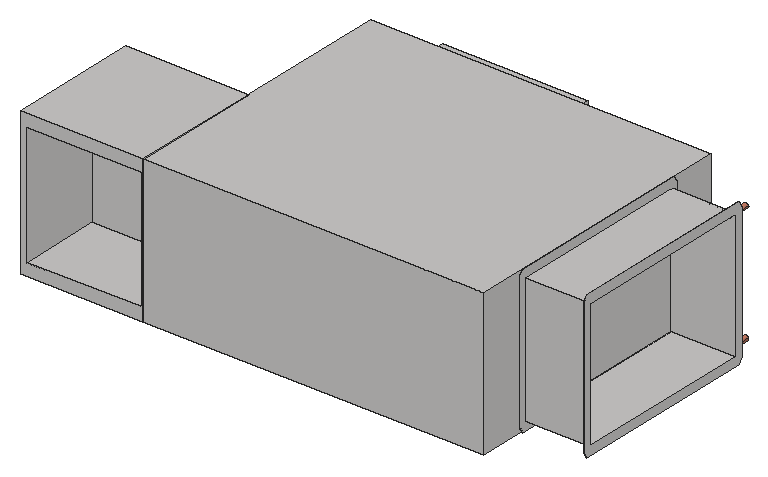
Revit family
Parameters
  Width = 3' - 3"
  Voltage = 208 V
  Unit Weight = if(Number of Rows = 1, "272.0 lbs", if(Number of Rows = 2, "277.0 lbs", "0"))  # "272.0 lbs"
  UltraLoc Liner = Choose Liner Option = 3  # no
  URL = "http://www.titus-hvac.com/"
  UL = "181"
  Supply Air Flow [instance] = 0 CFM
  SteriLoc Liner = Choose Liner Option = 2  # no
  Secondary Material = Copper Connectors
  Primary Air Pressure Drop [instance] = 0.00 in-wg
  Primary Air Flow [instance] = 0 CFM
  Pressure [instance] = 0.00 psi
  Plenum Air Pressure Drop [instance] = 0.00 in-wg
  Plenum Air Flow [instance] = 0 CFM
  Outlet Width = 2' - 1"
  Outlet Height = 1' - 5 1/2"
  Number of Rows = 1
  Number of Poles = 2
  Nominal Width = Width + 0' 6 1/4"  # 3' - 9 1/4"
  Nominal Length = Length + 1' 4 7/8" + 0' 9"  # 6' - 0 5/8"
  Nominal Inlet Size = 1' - 0"
  Nominal Height = 1' - 8"
  NFPA = "90A"
  Motor Full Load Amps [instance] = 3.6 A
  Model = "DTFS-F"
  Min. Air Flow = 0 CFM
  Max. Air Flow = 2000 CFM
  Material = Galvanized Steel
  Manufacturer = "Titus"
  Length = 3' - 10 3/4"
  Juction Box Offset = 0' - 4 7/8"
  Inlet Diameter = Nominal Inlet Size - 0' 0 1/8"  # 0' - 11 7/8"
  Induced Air Inlet Width = 1' - 4 7/8"
  Induced Air Inlet Offset = (Nominal Height - Induced Air Inlet Connection Height) / 2  # 0' - 1 11/16"
  Induced Air Inlet Height = 1' - 6 1/8"
  Induced Air Inlet Connection Width = 1' - 3 3/4"
  Induced Air Inlet Connection Height = 1' - 4 5/8"
  Induced Air Filter = no
  Heating Total Capacity [instance] = 0 Btu/h
  Heating Entering Water Temp = 0 °F
  Half Outlet Width = 1' - 0 1/2"
  Half Outlet Connection Width = Outlet Width / 2  # 1' - 0 1/2"
  Half Outlet Connection Height = Outlet Height / 2  # 0' - 8 3/4"
  Half Height Start = -(Nominal Height / 2)  # -0' - 10"
  Half Height End = Nominal Height / 2  # 0' - 10"
  HWC Option = HWC Section : D-E - 1 Row
  HWC Connector Radius = 5/16"
  HWC Connector Length = 0' - 3"
  HP-Motor = "1/3"
  Gallons Per Minute [instance] = 0 GPM
  Frequency = 60 Hz
  Flange Offset = 0' - 1 1/4"
  Filter Size = "18\"x17\""
  Fiber Free Liner = Choose Liner Option = 1  # no
  Fan Disconnect Switch = no
  Duct Radius = Nominal Inlet Size / 2  # 0' - 6"
  Description = "Ultra Quiet Series Fan Powered Terminal Unit, Direct Digital Control, Pressure Independent"
  Connector Vertical Offset = if(Number of Rows = 1, 1' 4 1/4", if(Number of Rows = 2, 1' 4 3/4", 0' 0"))  # 1' - 4 1/4"
  Connector Horizontal Offset = if(Number of Rows = 1, 0' 0", if(Number of Rows = 2, 0' 1", 0' 0"))  # 0' - 0"
  Connection Void Radius = Connection Radius - 0' 0 1/4"  # 0' - 5 11/16"
  Connection Radius = Inlet Diameter / 2  # 0' - 5 15/16"
  Choose Liner Option = 0
  CADworks URL = "www.CADworks.net"
  Assembly Code = "D3040100"
  Apparent Power [instance] = Voltage * Motor Full Load Amps  # 748.8 VA
  Air Inlet Offset = 0' - 8"
  1/2" Fiberglass Liner = Choose Liner Option = 0  # yes
  1" Fiberglass Liner = Choose Liner Option = 4  # no
Reference planes (in)
  plane 1 "Center (Front/Back)": y = 0
  plane 2: z = 0
  plane 3 "Center (Left/Right)": x = 3
  plane 4: x = -20.375
  plane 5: x = 26.375
  plane 6: x = -15.5
  plane 7: x = -23.75
  plane 8 "Center (Elevation)": z = 0
  plane 9: y = -19.5
  plane 10: y = 19.5
  plane 11: y = 11.5
  plane 12: y = -8.25
  plane 13: z = 0.6875
  plane 14: z = -6.875
  plane 15: x = 35.375
  plane 16: x = 34.375
  plane 17: x = 34.375
  plane 18: y = 15.5
  plane 19: z = -8.125
  plane 20: z = 8.125
  plane 21: y = -12.5
  plane 22: y = 12.5
  plane 23: z = 10
  plane 24: z = -10
  plane 25: y = 25.75
  plane 26: x = -37.25
Forms (in)
  Extrusion 1, solid, material "Galvanized Steel" <- "Material"
    sketch origin (0, 0, 0) x (1, 0, 0) y (0, 1, 0)
      loop
        line (-20.375, 19.5) -> (-20.375, -19.5) -> (26.375, -19.5) -> (26.375, 19.5) -> (-20.375, 19.5)
    from -10 <- "Half Height Start" to 10 <- "Half Height End"
  Extrusion 2, solid, material "Galvanized Steel" <- "Material"
    sketch origin (0, 0, 0) x (1, 0, 0) y (0, 1, 0)
      loop
        line (-37.25, -1.375) -> (-37.25, -19.5) -> (-20.375, -19.5) -> (-20.375, -1.375) -> (-37.25, -1.375)
    from -10 <- "Half Height Start" to 10 <- "Half Height End"
  Extrusion 3, void, detail levels fine
    sketch origin (0, -19.5, 0) x (1, 0, 0) y (0, 0, -1)
      loop
        line (-20.625, 8.3125) -> (-36.375, 8.3125) -> (-36.375, -8.3125) -> (-20.625, -8.3125) -> (-20.625, 8.3125)
    from 0 to 11.25
  Extrusion 4, solid, material "Galvanized Steel" <- "Material"
    sketch origin (3.125, 0, 0) x (1, 0, 0) y (0, 1, 0)
      loop
        line (-18.625, 19.5) -> (1.375, 19.5) -> (1.375, 25.75) -> (-18.625, 25.75) -> (-18.625, 19.5)
    from -6 to 6
  Extrusion 5, solid, material "Galvanized Steel" <- "Material"
    sketch origin (-24.875, -3, 0) x (0, 0, -1) y (0, 1, 0)
      loop
        circle (0, 14.5) r 5.9375
    from 1.125 to 4.5
  Extrusion 6, void, detail levels fine
    sketch origin (-24.875, 0, 0) x (0, 1, 0) y (0, 0, 1)
      loop
        circle (11.5, 0) r 5.6875
    from 1.125 to 9.375
  Extrusion 7, void, detail levels fine
    sketch origin (35.375, -12.5, 8.75) x (0, 0, 1) y (0, -1, 0)
      loop
        line (-17.5, 0) -> (-17.5, -25) -> (0, -25) -> (0, 0) -> (-17.5, 0)
    from -0.0625 to 0
  Extrusion 8, solid, material "Copper Connectors" <- "Secondary Material", detail levels fine
    sketch origin (0, 0, 0) x (1, 0, 0) y (0, 0, 1)
      loop
        circle (34.375, 8.125) r 0.3125
    from -15.5 to -12.5625
  Extrusion 9, solid, material "Copper Connectors" <- "Secondary Material", detail levels fine
    sketch origin (0, 0, 0) x (1, 0, 0) y (0, 0, 1)
      loop
        circle (34.375, -8.125) r 0.3125
    from -15.5 to -12.5625
Cuts and joins
  Extrusion 3 cuts Extrusion 2
  Extrusion 6 cuts Extrusion 1
  Extrusion 6 cuts Extrusion 5
Dimensions and locks (in)
  "Length": plane 5 to plane 4
  equal spacing: plane 5, plane 3 "Center (Left/Right)", plane 4
  locked: Extrusion 4 to Extrusion 4 at 20
  "Juction Box Offset": plane 6 to plane 4
  locked: plane 4 to plane 7 at 3.375
  "Width": plane 9 to plane 10
  equal spacing: plane 9, plane 1 "Center (Front/Back)", plane 10
  locked: Extrusion 5 sketch curve to level at 0
  locked: Extrusion 5 sketch curve to plane 11 at 0
  locked: Extrusion 6 sketch curve to level at 0
  locked: Extrusion 6 sketch curve to plane 11 at 0
  locked: Extrusion 4 to Extrusion 4 at 6.25
  locked: Extrusion 4 to Extrusion 4 at 12
  equal spacing: Extrusion 4, plane 8 "Center (Elevation)", Extrusion 4
  locked: plane 12 to plane 9 at 11.25
  "Air Inlet Offset": plane 10 to plane 11
  "Induced Air Inlet Height": cut or joined group of Extrusion 2, Extrusion 3 to cut or joined group of Extrusion 2, Extrusion 3
  locked: cut or joined group of Extrusion 5, Extrusion 6 to cut or joined group of Extrusion 5, Extrusion 6 at 3.375
  locked: plane 12 to plane 12 at 0
  "Induced Air Inlet Connection Height": Extrusion 3 sketch curve to Extrusion 3 sketch curve
  "Induced Air Inlet Offset": Extrusion 3 sketch curve to cut or joined group of Extrusion 2, Extrusion 3
  "Induced Air Inlet Connection Width": Extrusion 3 sketch curve to Extrusion 3 sketch curve
  locked: Extrusion 3 sketch curve to cut or joined group of Extrusion 1, Extrusion 6 at 0.25
  "Connector Vertical Offset": plane 20 to plane 19
  equal spacing: plane 20, plane 8 "Center (Elevation)", plane 19
  locked: plane 15 to plane 5 at 9
  locked: plane 15 to plane 16 at 1
  "Connector Horizontal Offset": plane 16 to plane 17
  locked: Extrusion 8 sketch curve to plane 17 at 0
  locked: Extrusion 8 sketch curve to plane 20 at 0
  locked: Extrusion 9 sketch curve to plane 16 at 0
  locked: Extrusion 9 sketch curve to plane 19 at 0
  "HWC Connector Length": plane 18 to plane 22
  locked: cut or joined group of Extrusion 1, Extrusion 6 to Extrusion 7 at 9
  locked: cut or joined group of Extrusion 2, Extrusion 3 to cut or joined group of Extrusion 2, Extrusion 3 at 16.875
  locked: cut or joined group of Extrusion 2, Extrusion 3 to cut or joined group of Extrusion 2, Extrusion 3 at 20
  equal spacing: cut or joined group of Extrusion 2, Extrusion 3, plane 8 "Center (Elevation)", cut or joined group of Extrusion 2, Extrusion 3
  locked: cut or joined group of Extrusion 1, Extrusion 6 to cut or joined group of Extrusion 1, Extrusion 6 at 20
  equal spacing: cut or joined group of Extrusion 1, Extrusion 6, plane 8 "Center (Elevation)", cut or joined group of Extrusion 1, Extrusion 6
  locked: nested 1 to cut or joined group of Extrusion 1, Extrusion 6 at 1.1875
  locked: cut or joined group of Extrusion 1, Extrusion 6 to nested 1 at 1.1875
  "Connection Radius": radius of Extrusion 5 sketch curve
  "Connection Void Radius": radius of Extrusion 6 sketch curve
  "HWC Connector Radius": radius of Extrusion 8 sketch curve
  "HWC Connector Radius": radius of Extrusion 9 sketch curve
  aligned and locked: plane 10 to Extrusion 4
  aligned and locked: plane 6 to Extrusion 4
  aligned and locked: plane 7 to cut or joined group of Extrusion 5, Extrusion 6
  aligned and locked: plane 18 to Extrusion 8
  aligned and locked: plane 18 to Extrusion 9
  aligned and locked: plane 9 to cut or joined group of Extrusion 2, Extrusion 3  (x3)
  aligned and locked: plane 5 to nested 1
  aligned and locked: plane 15 to nested 1
  aligned and locked: plane 18 to nested 1  (x2)
  aligned and locked: plane 21 to nested 1
  aligned and locked: plane 22 to nested 1
  aligned and locked: plane 5 to cut or joined group of Extrusion 1, Extrusion 6
  aligned and locked: cut or joined group of Extrusion 1, Extrusion 6 to nested 1
  aligned and locked: cut or joined group of Extrusion 1, Extrusion 6 to plane 10
  aligned and locked: Extrusion 4 to cut or joined group of Extrusion 1, Extrusion 6  (x2)
  aligned and locked: cut or joined group of Extrusion 1, Extrusion 6 to plane 4
  aligned and locked: plane 9 to cut or joined group of Extrusion 1, Extrusion 6
  aligned and locked: cut or joined group of Extrusion 5, Extrusion 6 to cut or joined group of Extrusion 1, Extrusion 6
  aligned and locked: nested 1 to cut or joined group of Extrusion 1, Extrusion 6
  aligned and locked: plane 6 to Extrusion 6
  aligned and locked: Extrusion 6 to plane 7
  aligned and locked: Extrusion 3 to plane 12
  aligned and locked: plane 25 to Extrusion 4
  aligned and locked: plane 26 to cut or joined group of Extrusion 2, Extrusion 3
  aligned and locked: plane 23 to cut or joined group of Extrusion 2, Extrusion 3
  aligned and locked: plane 24 to cut or joined group of Extrusion 2, Extrusion 3
  aligned and locked: plane 24 to cut or joined group of Extrusion 1, Extrusion 6
  aligned and locked: plane 23 to cut or joined group of Extrusion 1, Extrusion 6
Automatic sketch dimensions
  Extrusion 1 sketch curve to plane 4 = 0' - 0"
  Extrusion 1 sketch curve to plane 5 = 0' - 0"
  Extrusion 1 sketch curve to plane 9 = 0' - 0"
  Extrusion 1 sketch curve to plane 10 = 0' - 0"
  Extrusion 2 sketch curve to plane 4 = 0' - 0"
  Extrusion 2 sketch curve to plane 9 = 0' - 0"
  plane 1 "Center (Front/Back)" to Extrusion 2 sketch curve = 0' - 1 3/8"
  Extrusion 4 sketch curve to plane 6 = 0' - 0"
  Extrusion 4 sketch curve to plane 10 = 0' - 0"
  plane 3 "Center (Left/Right)" to Extrusion 4 sketch curve = 0' - 1 1/2"
  Extrusion 4 sketch curve to plane 10 = 0' - 6 1/4"
  Extrusion 2 sketch curve to plane 7 = 1' - 1 1/2"
  Extrusion 7 sketch curve to nested 1 = 0' - 0"  (x4)
Nested families (in)
  nested 1: "HWC Section" at (30.875, 0, 0) x (0, 1, 0) z (0, 0, 1), type <- "HWC Option", type "D-E - 1 Row"
Connectors (in)
  electrical at (-5.5, 25.75, 0), driven by "Apparent Power", driven by "Voltage", driven by "Number of Poles"
    settings: on Extrusion 4, index 8
  hvac at (-23.75, 11.5, 0), driven by "Duct Radius", driven by "Primary Air Pressure Drop", driven by "Primary Air Flow"
    settings: on cut or joined group of Extrusion 5, Extrusion 6, index 9
  hvac at (-28.5, -19.5, 0), driven by "Induced Air Inlet Connection Height", driven by "Induced Air Inlet Connection Width", driven by "Plenum Air Pressure Drop", driven by "Plenum Air Flow"
    settings: on cut or joined group of Extrusion 2, Extrusion 3, index 11
  hvac at (35.375, 0, 0), driven by "Outlet Height", driven by "Outlet Width", driven by "Supply Air Flow"
    settings: on Extrusion 7, index 12
  piping at (34.375, 15.5, 8.125), driven by "Gallons Per Minute", driven by "Pressure", driven by "HWC Connector Radius"
    settings: on Extrusion 8, index 13
  piping at (34.375, 15.5, -8.125), driven by "Gallons Per Minute", driven by "HWC Connector Radius", driven by "Pressure"
    settings: on Extrusion 9, index 14
Definition of nested family "HWC Section"
  Parameters (values of type "B-C - 1 Row")
    Visibility = yes
    Secondary Material = Copper Connectors
    Number of Rows = 1
    Material = Galvanized Steel
    Half Width = HWC Width / 2  # 0' - 10 1/4"
    Half Length-Start = -(HWC Length / 2)  # -0' - 4 1/2"
    Half Length-End = HWC Length / 2  # 0' - 4 1/2"
    HWC Connection Radius = 5/16"
    Flange Offset = 0' - 1"
    Duct Vertical Offset = HWC Height - 0' 0 1/2"  # 1' - 0"
    Duct Horizontal Offset = HWC Width - 0' 0 1/2"  # 1' - 8"
    Connector Vertical Offset = 0' - 11 3/4"
    HWC Width = 1' - 8 1/2"
    HWC Height = 1' - 0 1/2"
    HWC Length = 0' - 9"  # constant formula
    Gallons Per Minute = 0 GPM
    Connector Length = 0' - 3"
    Connector Horizontal Offset = 0' - 0"
  Types (5): name | Number of Rows | Half Width | Flange Offset | Duct Vertical Offset | Duct Horizontal Offset | Connector Vertical Offset | HWC Width | HWC Height | Connector Horizontal Offset
    (no name) | 1 | 0' - 10 1/4" | 0' - 1" | 1' - 0" | 1' - 8" | 0' - 11 3/4" | 1' - 8 1/2" | 1' - 0 1/2" | 0' - 0"
    B-C - 1 Row | 1 | 0' - 10 1/4" | 0' - 1" | 1' - 0" | 1' - 8" | 0' - 11 3/4" | 1' - 8 1/2" | 1' - 0 1/2" | 0' - 0"
    B-C - 2 Row | 2 | 0' - 10 1/4" | 0' - 1" | 1' - 0" | 1' - 8" | 0' - 11 3/4" | 1' - 8 1/2" | 1' - 0 1/2" | 0' - 1"
    D-E - 1 Row | 1 | 1' - 0 1/2" | 0' - 1 1/4" | 1' - 5" | 2' - 0 1/2" | 1' - 4 1/4" | 2' - 1" | 1' - 5 1/2" | 0' - 0"
    D-E - 2 Row | 2 | 1' - 0 1/2" | 0' - 1 1/4" | 1' - 5" | 2' - 0 1/2" | 1' - 4 3/4" | 2' - 1" | 1' - 5 1/2" | 0' - 1"
  Reference planes (in)
    plane 1 "Center (Front/Back)": y = 0
    plane 2: z = 0
    plane 3 "Center (Left/Right)": x = 0
    plane 4: x = -10.25
    plane 5: x = 10.25
    plane 6: y = 4.5
    plane 7: y = -4.5
    plane 8: z = 6.25
    plane 9: z = -6.25
    plane 10: z = 5.875
    plane 11: z = -5.875
    plane 12: y = 3.5
    plane 13: y = 3.5
    plane 14: x = 13.25
  Forms (in)
    Extrusion 1, solid, material "Galvanized Steel" <- "Material", visible <- "Visibility"
      sketch origin (0, 0, 0) x (1, 0, 0) y (0, 0, 1)
        loop
          line (-10.3125, 6.3125) -> (-10.3125, -6.3125) -> (10.3125, -6.3125) -> (10.3125, 6.3125) -> (-10.3125, 6.3125)
      from -4.375 <- "Half Length-Start" to 4.5 <- "Half Length-End"
    Extrusion 2, void, detail levels fine
      sketch origin (0, 0, 0) x (1, 0, 0) y (0, 0, 1)
        loop
          line (-10.25, -6.25) -> (10.25, -6.25) -> (10.25, 6.25) -> (-10.25, 6.25) -> (-10.25, -6.25)
      from -4.5 <- "Half Length-Start" to 4.5 <- "Half Length-End"
    Extrusion 3, solid, material "Copper Connectors" <- "Secondary Material", visible <- "Visibility"
      sketch origin (6, 2.625, 0) x (0, 1, 0) y (0, 0, 1)
        loop
          circle (0.875, -5.875) r 0.3125
      from 4.3125 to 7.25
    Extrusion 4, solid, material "Galvanized Steel" <- "Material", visible <- "Visibility"
      sketch origin (0, -4.375, 0) x (1, 0, 0) y (0, 0, 1)
        loop
          line (-10.25, 6.25) -> (-10.25, -6.25) -> (10.25, -6.25) -> (10.25, 6.25) -> (-10.25, 6.25)
        loop
          line (-11.25, 6.75) -> (-11.25, -6.75) -> (-10.75, -7.25) -> (10.75, -7.25) -> (11.25, -6.75) -> (11.25, 6.75) -> (10.75, 7.25) -> (-10.75, 7.25) -> (-11.25, 6.75)
      from 0 to 0.125
    Extrusion 5, solid, material "Copper Connectors" <- "Secondary Material", visible <- "Visibility"
      sketch origin (6, -0.5, 0) x (0, 1, 0) y (0, 0, 1)
        loop
          circle (4, 5.875) r 0.3125
      from 4.3125 to 7.25
    Extrusion 6, solid, material "Galvanized Steel" <- "Material", visible <- "Visibility"
      sketch origin (0, 4.375, 0) x (1, 0, 0) y (0, 0, -1)
        loop
          line (-10.25, -6.25) -> (10.25, -6.25) -> (10.25, 6.25) -> (-10.25, 6.25) -> (-10.25, -6.25)
        loop
          line (-11.25, -6.75) -> (-10.75, -7.25) -> (10.75, -7.25) -> (11.25, -6.75) -> (11.25, 6.75) -> (10.75, 7.25) -> (-10.75, 7.25) -> (-11.25, 6.75) -> (-11.25, -6.75)
      from 0 to 0.125
  Cuts and joins
    Extrusion 2 cuts Extrusion 1
    joined: Extrusion 1, Extrusion 4, Extrusion 6
  Dimensions and locks (in)
    "HWC Width": plane 4 to plane 5
    equal spacing: plane 4, plane 3 "Center (Left/Right)", plane 5
    "HWC Height": plane 8 to plane 9
    equal spacing: plane 8, plane 2, plane 9
    equal spacing: plane 10, plane 2, plane 11
    locked: plane 12 to plane 6 at 1
    "Connector Horizontal Offset": plane 13 to plane 12
    locked: plane 7 to Extrusion 4 at 0.125
    locked: Extrusion 6 to plane 6 at 0.125
    locked: plane 4 to Extrusion 1 sketch curve at 0.0625
    locked: Extrusion 4 to Extrusion 1 sketch curve at 0.0625
    locked: Extrusion 1 sketch curve to plane 8 at 0.0625
    locked: plane 9 to Extrusion 1 sketch curve at 0.0625
    "Connector Length": plane 5 to plane 14
    "HWC Length": plane 6 to plane 7
    equal spacing: plane 6, plane 1 "Center (Front/Back)", plane 7
    "Connector Vertical Offset": plane 10 to plane 11
    equal spacing: plane 10, level, plane 11
    "HWC Width": Extrusion 4 sketch curve to Extrusion 4 sketch curve
    equal spacing: Extrusion 4 sketch curve, plane 3 "Center (Left/Right)", Extrusion 4 sketch curve
    "HWC Height": Extrusion 4 sketch curve to Extrusion 4 sketch curve
    equal spacing: Extrusion 4 sketch curve, plane 2, Extrusion 4 sketch curve
    locked: cut or joined group of Extrusion 1, Extrusion 2, Extrusion 4, Extrusion 6 to plane 4 at 1  (x2)
    locked: cut or joined group of Extrusion 1, Extrusion 2, Extrusion 4, Extrusion 6 to plane 5 at 1  (x2)
    "HWC Width": Extrusion 6 sketch curve to Extrusion 6 sketch curve
    "HWC Height": Extrusion 6 sketch curve to Extrusion 6 sketch curve
    equal spacing: Extrusion 6 sketch curve, plane 3 "Center (Left/Right)", Extrusion 6 sketch curve
    equal spacing: Extrusion 6 sketch curve, plane 2, Extrusion 6 sketch curve
    "HWC Height": Extrusion 2 sketch curve to Extrusion 2 sketch curve
    "HWC Width": Extrusion 2 sketch curve to Extrusion 2 sketch curve
    equal spacing: Extrusion 2 sketch curve, plane 3 "Center (Left/Right)", Extrusion 2 sketch curve
    equal spacing: Extrusion 2 sketch curve, plane 2, Extrusion 2 sketch curve
    locked: plane 5 to Extrusion 3 at 0.0625
    locked: plane 5 to Extrusion 5 at 0.0625
    "Flange Offset": cut or joined group of Extrusion 1, Extrusion 2, Extrusion 4, Extrusion 6 to plane 8
    "Flange Offset": plane 9 to cut or joined group of Extrusion 1, Extrusion 2, Extrusion 4, Extrusion 6
    "Flange Offset": plane 8 to cut or joined group of Extrusion 1, Extrusion 2, Extrusion 4, Extrusion 6
    "Flange Offset": cut or joined group of Extrusion 1, Extrusion 2, Extrusion 4, Extrusion 6 to plane 9
    "HWC Connection Radius": radius of Extrusion 3 sketch curve
    "HWC Connection Radius": radius of Extrusion 5 sketch curve
    aligned and locked: plane 7 to Extrusion 4
    aligned and locked: plane 6 to Extrusion 6
    aligned and locked: plane 14 to Extrusion 5
    aligned and locked: plane 14 to Extrusion 3
    aligned and locked: Extrusion 6 to cut or joined group of Extrusion 1, Extrusion 2, Extrusion 4, Extrusion 6
    aligned and locked: Extrusion 4 to Extrusion 4
  Automatic sketch dimensions
    Extrusion 3 sketch curve to plane 11 = 0' - 0"
    Extrusion 3 sketch curve to plane 12 = 0' - 0"
    Extrusion 5 sketch curve to plane 10 = 0' - 0"
    Extrusion 5 sketch curve to plane 13 = 0' - 0"
    plane 4 to Extrusion 6 sketch curve = 0' - 1"
    plane 4 to Extrusion 6 sketch curve = 0' - 0 1/2"  (x2)
    Extrusion 6 sketch curve to plane 5 = 0' - 0 1/2"  (x2)
    Extrusion 6 sketch curve to Extrusion 6 sketch curve = 0' - 0 1/2"  (x3)
    plane 8 to Extrusion 6 sketch curve = 0' - 0 1/2"  (x2)
    Extrusion 6 sketch curve to plane 9 = 0' - 0 1/2"  (x2)
    plane 4 to Extrusion 4 sketch curve = 0' - 0 1/2"  (x2)
    Extrusion 4 sketch curve to Extrusion 4 sketch curve = 0' - 0 1/2"  (x4)
    Extrusion 4 sketch curve to plane 5 = 0' - 0 1/2"  (x2)
    Extrusion 4 sketch curve to plane 9 = 0' - 0 1/2"  (x2)
    plane 8 to Extrusion 4 sketch curve = 0' - 0 1/2"  (x2)
